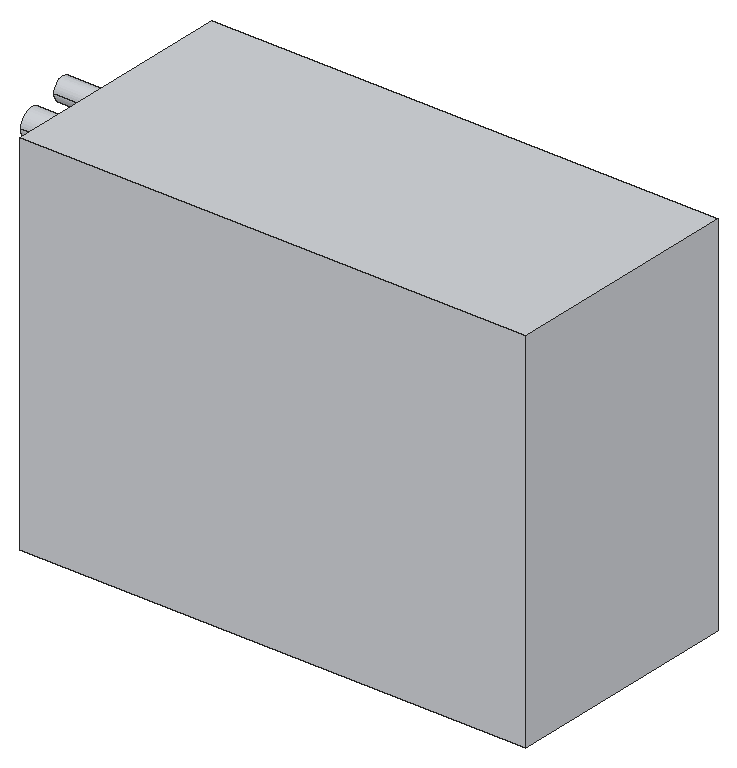
Revit family "Little Amp_Bfit 1250C_V-1500C_V Boiler and Water Heater", category Mechanical Equipment, Revit 2026
Family settings
  Round Connector Dimension = Use Diameter
  Part Type = Normal
  Classification Number = 23.75.00.00
  Work Plane-Based = No
  Always vertical = Yes
  Cut with Voids When Loaded = No
  Maintain Annotation Orientation = No
  Shared = No
  Room Calculation Point = No
Parameters (values of type "AMP 1500C/V Boiler and Water Heater")
  Width = 26 1/8"
  Vent Y = 21 5/8"
  Vent X = 16.121"
  Vent Length = 7 23/64"
  Vent O.D. = 8 19/128"
  Vent I.D. = 8"
  Length = 55 1/8"
  Height = 40 1/4"
  Voltage = ""
  Vent = "8\""
  Manufacturer = "Bryan Steam"  # constant formula
  Hydronic Supply = "2\" NPT Female"
  Hydronic Return = "2\" NPT Male"
  Gas Train Y = 29 3/4"
  Gas Train X = 23"
  Gas Train Dia. = 1 169/256"
  Gas Train Ball Valve Y = 29 3/4"
  Gas Train Ball Valve X = 23"
  Gas Train Ball Valve Dia. = 2 87/256"
  Gas Train = "1 1/4\" NPT Female"
  Default Elevation = 0"
  Condensate Trap = "1\" Pipe"
  Boiler Drain = "3/4\" NPT Female"
  Air Supply Y = 14"
  Air Supply X = 5 5/8"
  Air Supply Length = 1 111/256"
  Air Supply O.D. = 5 7/8"
  Air Supply I.D. = 5 149/256"
  Air Supply = "6\""
Types (3): name
  (no name)
  AMP 1250C/V Boiler and Water Heater
  AMP 1500C/V Boiler and Water Heater
Reference planes (in)
  plane 1 "Center (Front/Back)": y = 0
  plane 2: z = 0
  plane 3 "Center (Left/Right)": x = 0
  plane 4 "Vent": y = 3.063
Forms (in)
  Extrusion 1, solid
    sketch origin (0, 0, 0) x (1, 0, 0) y (0, 1, 0)
      loop
        line (-27.5625, 13.0625) -> (-27.5625, -13.0625) -> (27.5625, -13.0625) -> (27.5625, 13.0625) -> (-27.5625, 13.0625)
    from 0 to 40.25
  Extrusion 2, solid
    sketch origin (-27.5625, -13.0625, 0) x (0, 1, 0) y (0, 0, -1)
      loop
        circle (5.625, -14) r 2.9375
      loop
        circle (5.625, -14) r 2.79102
    from 0 to 1.43359 <- "Air Supply Length"
  Extrusion 3, solid
    sketch origin (-27.5625, -13.0625, 0) x (0, 1, 0) y (0, 0, -1)
      loop
        circle (16.75, -5.125) r 0.6575
    from 0 to 2.10547
  Extrusion 4, solid
    sketch origin (-27.5625, -13.0625, 0) x (0, 1, 0) y (0, 0, -1)
      loop
        circle (16.121, -35.097) r 1.1875
    from 0 to 8.26172
  Extrusion 5, solid
    sketch origin (-27.5625, -13.0625, 0) x (0, 1, 0) y (0, 0, -1)
      loop
        circle (16.121, -28.25) r 0.525
    from 0 to 4.19531
  Extrusion 6, solid
    sketch origin (-27.5625, -13.0625, 0) x (0, 1, 0) y (0, 0, -1)
      loop
        circle (23, -29.75) r 0.83008
    from 0 to 1.24219
  Extrusion 7, solid
    sketch origin (-27.5625, -13.0625, 0) x (0, 1, 0) y (0, 0, -1)
      loop
        circle (9.881, -35.097) r 1.1875
    from 0 to 0.59766
  Extrusion 8, solid
    sketch origin (-31.75781, -13.0625, 0) x (0, 1, 0) y (0, 0, -1)
      loop
        circle (16.121, -28.25) r 0.763
    from 0 to 2.36328
  Extrusion 9, solid
    sketch origin (-28.80469, -13.0625, 0) x (0, 1, 0) y (0, 0, -1)
      loop
        circle (23, -29.75) r 1.16992
    from 0 to 3.87109
  Extrusion 10, solid
    sketch origin (-28.16016, -13.0625, 0) x (0, 1, 0) y (0, 0, -1)
      loop
        circle (9.8773, -35.09617) r 1.5
    from 0 to 6
  Extrusion 11, void
    sketch origin (-27.5625, -13.0625, 0) x (0, -1, 0) y (0, 0, -1)
      loop
        circle (-9.8125, -23.446) r 0.4375
      loop
        circle (-6.8125, -23.446) r 0.4375
      loop
        circle (-3.8125, -23.446) r 0.4375
    from 0 to 0.5
  Revolve 12, solid
    sketch origin (-46.94307, 3.063, 48) x (-1, 0, 0) y (0, 0, 1)
      loop
        line (-19.38057, -22.67074) -> (-20.51262, -22.72373) -> (-20.51262, -22.77378) -> (-19.38057, -22.72079) -> (-12.01629, -22.37608) -> (-12.01863, -22.32613) -> (-19.38057, -22.67074)
      axis (-20.32558, -26.76941) -> (-11.82926, -26.3717)
    angle from 0 to 360
Cuts and joins
  Extrusion 11 cuts Extrusion 1
Dimensions and locks (in)
  "Height": Extrusion 1 to level
  equal spacing: Extrusion 1 sketch curve, plane 3 "Center (Left/Right)", Extrusion 1 sketch curve
  "Length": Extrusion 1 sketch curve to Extrusion 1 sketch curve
  equal spacing: Extrusion 1 sketch curve, plane 1 "Center (Front/Back)", Extrusion 1 sketch curve
  "Width": Extrusion 1 sketch curve to Extrusion 1 sketch curve
  "Air Supply Y": Extrusion 1 to Extrusion 2 sketch curve  (x2)
  locked: Extrusion 4 sketch curve to Extrusion 1 at 16.121
  locked: Extrusion 1 to Extrusion 4 sketch curve at 35.097
  "Air Supply X": Extrusion 2 sketch curve to Extrusion 1  (x2)
  locked: Extrusion 1 to Extrusion 5 sketch curve at 28.25
  locked: Extrusion 5 sketch curve to Extrusion 1 at 16.121
  "Gas Train X": Extrusion 6 sketch curve to Extrusion 1
  "Gas Train Y": Extrusion 1 to Extrusion 6 sketch curve
  locked: Extrusion 1 to Extrusion 7 sketch curve at 35.097
  locked: Extrusion 7 sketch curve to Extrusion 1 at 9.881
  locked: Extrusion 8 sketch curve to Extrusion 1 at 16.121
  Extrusion 1 to Extrusion 8 sketch curve = 28 1/4"
  "Gas Train Ball Valve Y": Extrusion 1 to Extrusion 9 sketch curve
  "Gas Train Ball Valve X": Extrusion 9 sketch curve to Extrusion 1
  locked: Extrusion 1 to Extrusion 3 sketch curve at 9.375
  locked: Extrusion 1 to Extrusion 3 sketch curve at 5.125
  locked: Extrusion 10 sketch curve to Extrusion 1 at 9.8773
  locked: Extrusion 1 to Extrusion 10 sketch curve at 35.09617
  locked: Extrusion 1 to Extrusion 11 sketch curve at 23.446  (x3)
  locked: Extrusion 1 to Extrusion 11 sketch curve at 3.8125
  locked: Extrusion 1 to Extrusion 11 sketch curve at 9.8125
  locked: Extrusion 1 to Extrusion 11 sketch curve at 6.8125
  locked: plane 4 "Vent" to plane 1 "Center (Front/Back)" at 3.063
  locked: Revolve 12 sketch curve to cut or joined group of Extrusion 1, Extrusion 11 at 21.28
  locked: Revolve 12 sketch curve to Revolve 12 sketch curve at 4.05
  locked: Revolve 12 sketch curve to Revolve 12 sketch curve at 4
  locked: Revolve 12 sketch curve to cut or joined group of Extrusion 1, Extrusion 11 at 7.36194
  "Gas Train Dia.": diameter of Extrusion 6 sketch curve
  "Gas Train Ball Valve Dia.": diameter of Extrusion 9 sketch curve
  "Air Supply O.D.": diameter of Extrusion 2 sketch curve
  "Air Supply I.D.": diameter of Extrusion 2 sketch curve
  diameter of Extrusion 10 sketch curve = 3"
  diameter of Extrusion 3 sketch curve = 1.315"
  diameter of Extrusion 11 sketch curve = 7/8"  (x3)
  locked: Revolve 12 sketch curve to cut or joined group of Extrusion 1, Extrusion 11 (angle 2.68°)
  aligned and locked: level to plane 2
Automatic sketch dimensions
  Revolve 12 sketch curve to Revolve 12 sketch curve = 7.36428"
  Revolve 12 sketch curve to Revolve 12 sketch curve = 0"
  Revolve 12 sketch curve to Revolve 12 sketch curve = 3.99921"
  Revolve 12 sketch curve to Revolve 12 sketch curve = 1.13205"
  Revolve 12 sketch curve to Revolve 12 sketch curve = 0.05299"
  Revolve 12 sketch curve to Revolve 12 sketch curve = 0.05005"
  radius of Extrusion 4 sketch curve = 1 3/16"
  radius of Extrusion 5 sketch curve = 0.525"
  radius of Extrusion 7 sketch curve = 1 3/16"
  radius of Extrusion 8 sketch curve = 0.763"
Connectors (in)
  piping at (-35.82422, 3.0585, 35.097), diameter 2
    settings: on Extrusion 4, index 1, connector inside diameter 24", connector length 0", flow factor 0, pipe flow 0 GPM, pressure drop 0.00 psi, fitting loss kfactor 0, connector angle 0.00°, fixture units 0, engagement length 0", angle of deflection 0.00°, flow configuration 0, flow direction 1, fitting loss method 0, system type 8, joint type 0, gender type 0, connector reference index -1, connector utility 0, adjustable connector no, is connector primary yes, connector description ""
  piping at (-34.12109, 3.0585, 28.25), diameter 0.75
    settings: on Extrusion 8, index 3, connector inside diameter 24", connector length 0", flow factor 0, pipe flow 0 GPM, pressure drop 0.00 psi, fitting loss kfactor 0, connector angle 0.00°, fixture units 0, engagement length 0", angle of deflection 0.00°, flow configuration 0, flow direction 2, fitting loss method 0, system type 22, joint type 0, gender type 0, connector reference index -1, connector utility 0, adjustable connector no, is connector primary no, connector description ""
  piping at (-32.67578, 9.9375, 29.75), diameter 1.66016, driven by "Gas Train Dia."
    settings: on Extrusion 9, index 4, connector inside diameter 24", connector length 0", flow factor 0, pipe flow 0 GPM, pressure drop 0.00 psi, fitting loss kfactor 0, connector angle 0.00°, fixture units 0, engagement length 0", angle of deflection 0.00°, flow configuration 0, flow direction 1, fitting loss method 0, system type 22, joint type 0, gender type 0, connector reference index -1, connector utility 0, adjustable connector no, is connector primary no, connector description ""
  piping at (-29.66797, 3.6875, 5.125), diameter 1
    settings: on Extrusion 3, index 5, connector inside diameter 24", connector length 0", flow factor 0, pipe flow 0 GPM, pressure drop 0.00 psi, fitting loss kfactor 0, connector angle 0.00°, fixture units 0, engagement length 0", angle of deflection 0.00°, flow configuration 0, flow direction 2, fitting loss method 0, system type 22, joint type 0, gender type 0, connector reference index -1, connector utility 0, adjustable connector no, is connector primary no, connector description ""
  piping at (-34.16016, -3.1852, 35.09617), diameter 2
    settings: on Extrusion 10, index 8, connector inside diameter 24", connector length 0", flow factor 0, pipe flow 0 GPM, pressure drop 0.00 psi, fitting loss kfactor 0, connector angle 0.00°, fixture units 0, engagement length 0", angle of deflection 0.00°, flow configuration 0, flow direction 2, fitting loss method 0, system type 7, joint type 0, gender type 0, connector reference index -1, connector utility 0, adjustable connector no, is connector primary no, connector description ""
  cabletrayconduit at (-27.5625, -3.25, 23.446), diameter 0.5
    settings: on cut or joined group of Extrusion 1, Extrusion 11, index 9, connector width 12", connector height 12", connector angle 0.00°, system type 32, placement type 0, profile type 0, connector reference index -1, is primary connector yes, connector utility param no, connector description ""
  cabletrayconduit at (-27.5625, -6.25, 23.446), diameter 0.5
    settings: on cut or joined group of Extrusion 1, Extrusion 11, index 10, connector width 12", connector height 12", connector angle 0.00°, system type 32, placement type 0, profile type 0, connector reference index -1, is primary connector no, connector utility param no, connector description ""
  cabletrayconduit at (-27.5625, -9.25, 23.446), diameter 0.5
    settings: on cut or joined group of Extrusion 1, Extrusion 11, index 11, connector width 12", connector height 12", connector angle 0.00°, system type 32, placement type 0, profile type 0, connector reference index -1, is primary connector no, connector utility param no, connector description ""
  hvac at (-35.11381, 3.063, 21.6283)
    settings: on Revolve 12, index 12, duct flow 0 CFM, flow factor 0, pres drop 0.00 in-wg, loss coef 0, conn angle 0.00°, conn width 12", conn height 12", conn diameter 8", duct sys type 3, conn prof type 0, flow config 0, flow direction 2, loss method 0, conn ref index -1, conn util no, is conn primary yes, conn desc ""
  hvac at (-28.99609, -7.4375, 14)
    settings: on Extrusion 2, index 13, duct flow 0 CFM, flow factor 0, pres drop 0.00 in-wg, loss coef 0, conn angle 0.00°, conn width 12", conn height 12", conn diameter 6", duct sys type 1, conn prof type 0, flow config 0, flow direction 1, loss method 0, conn ref index -1, conn util no, is conn primary no, conn desc ""
